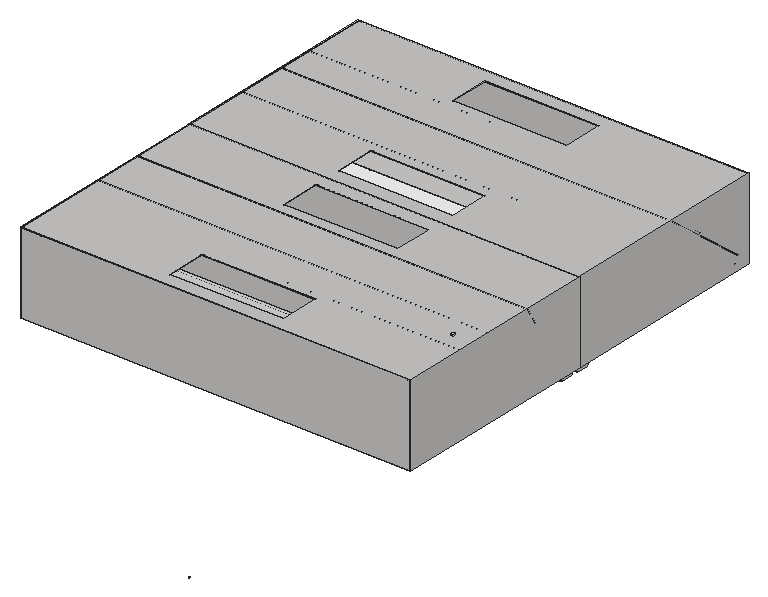
Revit family "QF_ELECTROLUXPROFESSIONAL_640239_STCF2624", category Attrezzature speciali, Revit 2021
Family settings
  Quota connettore circolare = Usa diametro
  Tipo di parte = Normale
  Basato su piano di lavoro = No
  Sempre verticale = Sì
  Taglio con vuoti quando caricato = No
  Condiviso = No
  Punto di calcolo locali = No
Parameters (values of type "Standard")
  Weight = 314.00 kg
  Watts = 320 W
  Volts = 220 V
  URL Manufacturer = "https://www.electroluxprofessional.com/"
  URL = "https://www.electroluxprofessional.com/"
  Steam Supply Size = 0 mm
  Steam Supply Minimum Pressure = 0.0 Pa
  Steam Supply Maximum Pressure = 0.0 Pa
  Steam Consumption per Hour = 0
  Refrigeration Suction Line Size = 0.0 mm
  Refrigeration Liquid Line Size = 0.0 mm
  Refrigerant Compressor Remote = yes
  Prospetto di default = 0.0 mm
  Produttore = "Electrolux Professional"
  Phase = 1
  Modello = "STCF2624"
  Length Actual = 2400.0 mm  # constant formula
  Item Number = "640239"
  Hot Water Size = 0 mm
  Height Actual = 500.0 mm  # constant formula
  HP = "0.4 HP"
  Gas Size = 0 mm
  Gas KW = 0
  Gas Input Pressure = 0 W
  Direct Waste Size = 0 mm
  Descrizione = "304 S/S ISLAND HOOD+FILT.+LAMPS 240X260"
  Depth Actual = 2600.0 mm  # constant formula
  Cycle = 50 Hz
  Condensate Return Size = 0 mm
  Compressed Air Volume = 0.0 L/s
  Compressed Air Size = 0 mm
  Compressed Air Pressure = 0.0 Pa
  Cold Water Size = 0 mm
  Accessory = yes
Reference planes
  plane 1 "Center (Front/Back)": y = 0
  plane 2: z = 0
  plane 3 "Center (Left/Right)": x = -200
  plane 4 "LEFT": x = -1400
  plane 5 "RIGHT": x = 1000
  plane 6 "BACK": y = 1300
  plane 7 "FRONT": y = -1300
  plane 8 "Base": z = 2000
  plane 9 "EIx": x = 880
  plane 10 "Top": z = 2500
  plane 11 "BaseHood": z = 2000
  plane 12 "EI": y = -820
Forms (mm)
  Extrusion 1, solid, material "QF_Finishes_Stainless Steel"
    sketch origin (0, -820, 2500) x (0, 1, 0) y (-1, 0, 0)
      loop
        circle (0, -880) r 10
    from 0 to 1.6
Dimensions and locks
  plane 4 "LEFT" to plane 5 "RIGHT" = 2400.0 mm
  equal spacing: plane 6 "BACK", plane 1 "Center (Front/Back)", plane 7 "FRONT"
  plane 6 "BACK" to plane 7 "FRONT" = 2600.0 mm
  plane 9 "EIx" to plane 5 "RIGHT" = 120.0 mm
  plane 11 "BaseHood" to level = 2000.0 mm
  plane 10 "Top" to plane 11 "BaseHood" = 500.0 mm
  equal spacing: plane 4 "LEFT", plane 3 "Center (Left/Right)", plane 5 "RIGHT"
  plane 12 "EI" to plane 7 "FRONT" = 480.0 mm
  aligned and locked: level to plane 2
Automatic sketch dimensions
  plane 1 "Center (Front/Back)" to Extrusion 1 sketch curve = 820.0 mm
  Extrusion 1 sketch curve to plane 9 "EIx" = 0.0 mm
  radius of Extrusion 1 sketch curve = 10.0 mm
Nested families
  nested 1: "QF_ELECTROLUXPROFESSIONAL_640230" at (-350, -550, 0), type "QF_ELECTROLUXPROFESSIONAL_640230"
  nested 2: "QF_ELECTROLUXPROFESSIONAL_640230" at (-350, 550, 0), type "QF_ELECTROLUXPROFESSIONAL_640230"
Connectors
  piping at (880, 60, 1970), diameter 9.5
    settings: on nested 2, index 9, connector inside diameter 609.6 mm, connector length 0.0 mm, flow factor 0, pipe flow 0.0 L/s, pressure drop 0.0 Pa, fitting loss kfactor 0, connector angle 0.00°, fixture units 0, engagement length 0.0 mm, angle of deflection 0.00°, flow configuration 1, flow direction 2, fitting loss method 0, system type 16, joint type 0, gender type 0, connector reference index -1, connector utility 0, adjustable connector no, is connector primary yes, connector description "Drain"
  piping at (880, -60, 1970), diameter 9.5
    settings: on nested 1, index 10, connector inside diameter 609.6 mm, connector length 0.0 mm, flow factor 0, pipe flow 0.0 L/s, pressure drop 0.0 Pa, fitting loss kfactor 0, connector angle 0.00°, fixture units 0, engagement length 0.0 mm, angle of deflection 0.00°, flow configuration 1, flow direction 2, fitting loss method 0, system type 16, joint type 0, gender type 0, connector reference index -1, connector utility 0, adjustable connector no, is connector primary no, connector description "Drain"
  electrical at (880, -820, 2501.6), driven by "Volts"
    settings: on Extrusion 1, index 11, voltage 220 V, apparent load 0 VA, apparent load phase1 0 VA, apparent load phase2 0 VA, apparent load phase3 0 VA, power factor 1, load classification "Other", number of poles 1, system type 30, power factor state 1, is connector primary yes, connector utility no, sub classification motor no, connector description "Electrical Connection"
  hvac at (-200, -211, 2500)
    settings: on nested 1, index 12, duct flow 0.0 L/s, flow factor 0, pres drop 0.0 Pa, loss coef 0, conn angle 0.00°, conn width 700 mm, conn height 250 mm, conn diameter 609.6 mm, duct sys type 1, conn prof type 1, flow config 1, flow direction 1, loss method 0, conn ref index -1, conn util no, is conn primary yes, conn desc "AIR INLET"
  hvac at (-200, 211, 2500)
    settings: on nested 2, index 13, duct flow 0.0 L/s, flow factor 0, pres drop 0.0 Pa, loss coef 0, conn angle 0.00°, conn width 250 mm, conn height 700 mm, conn diameter 609.6 mm, duct sys type 1, conn prof type 1, flow config 1, flow direction 1, loss method 0, conn ref index -1, conn util no, is conn primary no, conn desc "AIR INLET"
  hvac at (-200, -1089, 2499.19)
    settings: on nested 1, index 14, duct flow 0.0 L/s, flow factor 0, pres drop 0.0 Pa, loss coef 0, conn angle 0.00°, conn width 700 mm, conn height 250 mm, conn diameter 609.6 mm, duct sys type 1, conn prof type 1, flow config 0, flow direction 0, loss method 0, conn ref index -1, conn util no, is conn primary no, conn desc ""
  hvac at (-200, 1089, 2500)
    settings: on nested 2, index 15, duct flow 0.0 L/s, flow factor 0, pres drop 0.0 Pa, loss coef 0, conn angle 0.00°, conn width 250 mm, conn height 700 mm, conn diameter 609.6 mm, duct sys type 1, conn prof type 1, flow config 0, flow direction 0, loss method 0, conn ref index -1, conn util no, is conn primary no, conn desc ""
Definition of nested family "QF_ELECTROLUXPROFESSIONAL_640230"
  Parameters
    Default Elevation = 0.0 mm
  Reference planes
    plane 1: z = 0
    plane 2 "Center (Left/Right)": x = 150
    plane 3 "LEFT": x = -1050
    plane 4 "RIGHT": x = 1350
    plane 5 "BACK": y = 550
    plane 6 "TOP": z = 2500
    plane 7 "Base": z = 2000
    plane 8: z = 1955
    plane 9 "DrainY": y = 490
    plane 10: x = -1047
    plane 11 "DrainX": x = 1230
    plane 12 "AOLeft2": x = 500
    plane 13: x = 1347
    plane 14: x = -850
    plane 15: x = 1150
    plane 16 "Center (Front/Back)": y = -100
    plane 17 "Front": y = -750
    plane 18 "AOLeft1": x = -200
    plane 19: y = -664
    plane 20: y = -414
    plane 21: y = 214
    plane 22 "EI_y": y = -270
    plane 23 "EIx": x = 1230
    plane 24: y = 464
  Forms (mm)
    Extrusion 1, solid
      sketch origin (-1050, 0, 360) x (0, 1, 0) y (0, 0, 1)
        loop
          line (550, 1640) -> (550, 2140) -> (-750, 2140) -> (-750, 1640) -> (550, 1640)
      from 0 to 3
    Extrusion 2, solid
      sketch origin (1350, 0, 360) x (0, 1, 0) y (0, 0, 1)
        loop
          line (550, 1640) -> (550, 2140) -> (-750, 2140) -> (-750, 1640) -> (550, 1640)
      from 0 to -3
    Extrusion 3, solid
      sketch origin (150, 0, 360) x (0, 1, 0) y (0, 0, 1)
        loop
          line (-750, 2140) -> (-750, 1640) -> (-740, 1640) -> (-740, 1640.8) -> (-749.2, 1640.8) -> (-749.2, 2139.19) -> (549.2, 2139.19) -> (549.2, 1640.8) -> (540, 1640.8) -> (540, 1640) -> (550, 1640) -> (550, 2140) -> (-750, 2140)
      from -1200 to 1200
    Extrusion 4, solid
      sketch origin (0, 0, 2000) x (0, 1, 0) y (-1, 0, 0)
        loop
          circle (490, -1230) r 4.763
      from -30 to 0
    Extrusion 5, void
      sketch origin (0, 0, 2500) x (0, 1, 0) y (-1, 0, 0)
        loop
          line (-414, -500) -> (-414, 200) -> (-664, 200) -> (-664, -500) -> (-414, -500)
      from 0 to -10
    Extrusion 6, solid
      sketch origin (0, 0, 0) x (1, 0, 0) y (0, 1, 0)
        loop
          line (-1050, 550) -> (-1050, 549) -> (-1049, 549) -> (-1049, 550) -> (-1050, 550)
      from 0 to 1
    Extrusion 7, solid
      sketch origin (150, 0, 360) x (0, 1, 0) y (0, 0, 1)
        loop
          line (-372.823, 1962.324) -> (-218.948, 2086.929) -> (-227.129, 2097.032) -> (-381.003, 1972.426) -> (-372.823, 1962.324)
      from 1197 to -1197
    Extrusion 8, solid
      sketch origin (150, 0, 360) x (0, 1, 0) y (0, 0, 1)
        loop
          line (-750, 2139.19) -> (-750, 1640) -> (-686.602, 1640) -> (-599.146, 1690.493) -> (-610.058, 1709.394) -> (-666.564, 1676.77) -> (-714.704, 1680.982) -> (-749.2, 1730.248) -> (-749.2, 2139.19) -> (-750, 2139.19)
        loop
          line (-373.6, 1961.694) -> (-381.937, 1971.99) -> (-369.095, 1982.182) -> (-369.095, 2139.19) -> (-369.895, 2139.19) -> (-369.895, 1982.569) -> (-682.298, 1734.63) -> (-671.091, 1720.79) -> (-373.6, 1961.694)
        loop
          line (-227.61, 2099.216) -> (-218.171, 2087.559) -> (-154.411, 2139.19) -> (-155.682, 2139.19) -> (-218.052, 2088.684) -> (-226.989, 2099.719) -> (-227.61, 2099.216)
      from -1197 to 1197
    Sweep 9, solid
      path origin (0, 0, 0) x (1, 0, 0) y (0, 1, 0)
        loop
          line (1350, 550) -> (-1050, 550) -> (-1050, -750) -> (1350, -750) -> (1350, 550)
      profile origin (1350, -100, 0) x (1, 0, 0) y (0, 0, 1)
        loop
          line (-3, 2000) -> (-3, 2000.8) -> (-19, 2000.8) -> (-19, 2010) -> (-20, 2010) -> (-20, 2000) -> (-3, 2000)
    Extrusion 10, solid
      sketch origin (150, 0, 0) x (0, 1, 0) y (0, 0, 1)
        loop
          line (414.66, 2095.469) -> (440.643, 2110.471) -> (235.744, 2411.771) -> (209.948, 2396.455) -> (414.66, 2095.469)
      from -1197 to -1000
    Extrusion 11, solid
      sketch origin (1230, 0, 0) x (0, 1, 0) y (0, 0, 1)
        loop
          line (539, 2000) -> (441, 2000) -> (441, 1989) -> (448.5, 1989) -> (448.5, 1965)
          arc (448.5, 1965) -> (451.429, 1957.929) -> (458.5, 1955) r 10
          line (458.5, 1955) -> (521.5, 1955)
          arc (521.5, 1955) -> (528.571, 1957.929) -> (531.5, 1965) r 10
          line (531.5, 1965) -> (531.5, 1989) -> (539, 1989) -> (539, 2000)
      from 90 to -90
    Extrusion 12, solid
      sketch origin (150, 0, 360) x (0, 1, 0) y (0, 0, 1)
        loop
          line (-750, 2139.19) -> (-750, 1640) -> (-686.602, 1640) -> (-599.146, 1690.493) -> (-610.058, 1709.394) -> (-666.564, 1676.77) -> (-714.704, 1680.982) -> (-749.2, 1730.248) -> (-749.2, 2139.19) -> (-750, 2139.19)
        loop
          line (-373.6, 1961.694) -> (-381.937, 1971.99) -> (-369.095, 1982.182) -> (-369.095, 2139.19) -> (-369.895, 2139.19) -> (-369.895, 1982.569) -> (-682.298, 1734.63) -> (-671.091, 1720.79) -> (-373.6, 1961.694)
        loop
          line (-227.61, 2099.216) -> (-218.171, 2087.559) -> (-154.411, 2139.19) -> (-155.682, 2139.19) -> (-218.052, 2088.684) -> (-226.989, 2099.719) -> (-227.61, 2099.216)
      from -1197 to 1197
    Extrusion 13, solid
      sketch origin (150, 0, 0) x (0, 1, 0) y (0, 0, 1)
        loop
          line (414.66, 2095.469) -> (440.643, 2110.471) -> (235.744, 2411.771) -> (209.948, 2396.455) -> (414.66, 2095.469)
      from 1000 to 1197
    Extrusion 14, solid
      sketch origin (150, 0, 0) x (0, 1, 0) y (0, 0, 1)
        loop
          line (414.66, 2095.469) -> (440.643, 2110.471) -> (235.744, 2411.771) -> (209.948, 2396.455) -> (414.66, 2095.469)
      from -1000 to 1000
    Extrusion 15, void
      sketch origin (0, 1180, 2500) x (0, 1, 0) y (-1, 0, 0)
        loop
          line (-716, -500) -> (-716, 200) -> (-966, 200) -> (-966, -500) -> (-716, -500)
      from 0 to -10
    Extrusion 16, solid
      sketch origin (150, 0, 360) x (0, 1, 0) y (0, 0, 1)
        loop
          line (430.005, 1640) -> (540, 1640) -> (540, 1640.8) -> (430.467, 1640.8) -> (371.906, 1742.23) -> (414.858, 1734.657) -> (442.266, 1750.481) -> (442.266, 1765.943) -> (441.466, 1765.943) -> (441.466, 1750.943) -> (414.709, 1735.495) -> (321.153, 1751.991) -> (320.875, 1750.416) -> (371.4, 1741.507) -> (430.005, 1640)
        loop
          line (146.529, 2139.19) -> (216.893, 2017.316) -> (219.133, 2018.715) -> (214.13, 2027.381) -> (212.569, 2026.405) -> (147.453, 2139.19) -> (146.529, 2139.19)
      from -1197 to 1197
  Cuts and joins
    Extrusion 5, Extrusion 15 cuts Extrusion 3
    joined: Extrusion 2, Extrusion 3, Sweep 9
  Lines and regions (mm)
    symbolic lines, detail levels coarse
      curve 1: line (1350, 550, 2500) -> (-1050, 550, 2500)
      curve 2: line (-1050, 550, 2500) -> (-1050, -750, 2500)
      curve 3: line (1350, -750, 2500) -> (1350, 550, 2500)
      curve 4: line (-1050, 550, 0) -> (1350, -750, 0)
      curve 5: line (1350, 550, 0) -> (-1050, -750, 0)
      curve 6: line (-1050, -750, 0) -> (1350, -750, 0)
      curve 7: line (500, -414, 0) -> (-200, -414, 0)
      curve 8: line (500, -664, 0) -> (500, -414, 0)
      curve 9: line (-200, -664, 0) -> (500, -664, 0)
      curve 10: line (-200, -414, 0) -> (-200, -664, 0)
      curve 11: line (-200, 214, 2500) -> (500, 214, 2500)
      curve 12: line (-200, 464, 2500) -> (-200, 214, 2500)
      curve 13: line (500, 464, 2500) -> (-200, 464, 2500)
      curve 14: line (500, 214, 2500) -> (500, 464, 2500)
  Dimensions and locks
    plane 3 "LEFT" to plane 4 "RIGHT" = 2400.0 mm
    equal spacing: plane 3 "LEFT", plane 2 "Center (Left/Right)", plane 4 "RIGHT"
    plane 7 "Base" to plane 8 = 45.0 mm
    plane 5 "BACK" to plane 9 "DrainY" = 60.0 mm  (x2)
    plane 3 "LEFT" to plane 10 = 3.0 mm
    plane 11 "DrainX" to plane 4 "RIGHT" = 120.0 mm
    plane 13 to plane 4 "RIGHT" = 3.0 mm
    plane 3 "LEFT" to plane 14 = 200.0 mm
    plane 15 to plane 4 "RIGHT" = 200.0 mm
    locked: plane 7 "Base" to level at 2000
    locked: plane 6 "TOP" to plane 7 "Base" at 500
    locked: plane 5 "BACK" to plane 17 "Front" at 1300
    equal spacing: plane 5 "BACK", plane 16 "Center (Front/Back)", plane 17 "Front"
    locked: plane 20 to plane 19 at 250
    plane 19 to plane 17 "Front" = 86.0 mm
    locked: plane 22 "EI_y" to plane 17 "Front" at 480
    locked: plane 23 "EIx" to plane 4 "RIGHT" at 120
    locked: plane 18 "AOLeft1" to plane 12 "AOLeft2" at 700
    equal spacing: plane 18 "AOLeft1", plane 2 "Center (Left/Right)", plane 12 "AOLeft2"
    plane 5 "BACK" to plane 17 "Front" = 1300.0 mm
    plane 5 "BACK" to plane 24 = 86.0 mm
    plane 24 to plane 21 = 250.0 mm
    aligned and locked: level to plane 1
    aligned and locked: plane 4 "RIGHT" to Extrusion 3
    aligned and locked: Extrusion 3 to plane 3 "LEFT"
    aligned and locked: Extrusion 2 to plane 13
    aligned and locked: Extrusion 10 to plane 10
    aligned and locked: Extrusion 8 to plane 10
    aligned and locked: plane 13 to Extrusion 8
    aligned and locked: Extrusion 5 to plane 18 "AOLeft1"
    aligned and locked: Extrusion 5 to plane 12 "AOLeft2"
    aligned and locked: plane 14 to Extrusion 10
    aligned and locked: plane 15 to Extrusion 13
    aligned and locked: plane 13 to Extrusion 13
    aligned and locked: Extrusion 14 to plane 14
    aligned and locked: Extrusion 14 to plane 15
    aligned and locked: plane 13 to Extrusion 7
    aligned and locked: Extrusion 7 to plane 10
    aligned and locked: Extrusion 15 to plane 21
    aligned and locked: Extrusion 15 to plane 18 "AOLeft1"
    aligned and locked: Extrusion 15 to plane 12 "AOLeft2"
    aligned and locked: Extrusion 16 to plane 10
    aligned and locked: plane 13 to Extrusion 16
    aligned and locked: plane 13 to Extrusion 12
    aligned and locked: Extrusion 12 to plane 10
    aligned and locked: cut or joined group of Extrusion 2, Extrusion 3, Extrusion 5, Sweep 9, Extrusion 15 to curve 7
    aligned and locked: cut or joined group of Extrusion 2, Extrusion 3, Extrusion 5, Sweep 9, Extrusion 15 to plane 19
    aligned and locked: curve 9 to plane 19
    aligned and locked: plane 24 to cut or joined group of Extrusion 2, Extrusion 3, Extrusion 5, Sweep 9, Extrusion 15
    aligned and locked: plane 24 to curve 13
  Automatic sketch dimensions
    curve 6 to plane 3 "LEFT" = 0.0 mm
    curve 4 to plane 3 "LEFT" = 0.0 mm
    curve 10 to plane 18 "AOLeft1" = 0.0 mm
    curve 8 to plane 12 "AOLeft2" = 0.0 mm
    curve 5 to plane 4 "RIGHT" = 0.0 mm
    curve 6 to plane 4 "RIGHT" = 0.0 mm
    curve 4 to plane 17 "Front" = 0.0 mm
    curve 4 to plane 5 "BACK" = 0.0 mm
    curve 5 to plane 5 "BACK" = 0.0 mm
    curve 2 to plane 3 "LEFT" = 0.0 mm
    curve 2 to plane 17 "Front" = 0.0 mm
    curve 3 to plane 4 "RIGHT" = 0.0 mm
    curve 3 to plane 17 "Front" = 0.0 mm
    curve 2 to plane 5 "BACK" = 0.0 mm
    Extrusion 1 sketch curve to plane 7 "Base" = 0.0 mm
    Extrusion 1 sketch curve to plane 17 "Front" = 0.0 mm
    Extrusion 1 sketch curve to plane 5 "BACK" = 0.0 mm
    Extrusion 1 sketch curve to plane 6 "TOP" = 0.0 mm
    Extrusion 2 sketch curve to plane 7 "Base" = 0.0 mm
    Extrusion 2 sketch curve to plane 17 "Front" = 0.0 mm
    Extrusion 2 sketch curve to plane 5 "BACK" = 0.0 mm
    Extrusion 2 sketch curve to plane 6 "TOP" = 0.0 mm
    Extrusion 3 sketch curve to plane 6 "TOP" = 0.0 mm
    Extrusion 3 sketch curve to plane 17 "Front" = 0.0 mm
    Extrusion 3 sketch curve to plane 7 "Base" = 0.0 mm  (x2)
    Extrusion 3 sketch curve to plane 5 "BACK" = 0.0 mm
    plane 17 "Front" to Extrusion 3 sketch curve = 0.8 mm
    Extrusion 3 sketch curve to Extrusion 3 sketch curve = 9.2 mm
    plane 7 "Base" to Extrusion 3 sketch curve = 0.8 mm  (x2)
    Extrusion 3 sketch curve to plane 5 "BACK" = 10.0 mm
    Extrusion 3 sketch curve to plane 5 "BACK" = 0.8 mm
    Extrusion 3 sketch curve to plane 6 "TOP" = 0.81 mm
    Extrusion 4 sketch curve to plane 9 "DrainY" = 0.0 mm
    Extrusion 4 sketch curve to plane 11 "DrainX" = 0.0 mm
    Extrusion 5 sketch curve to plane 12 "AOLeft2" = 0.0 mm
    Extrusion 5 sketch curve to plane 18 "AOLeft1" = 0.0 mm
    plane 19 to Extrusion 5 sketch curve = 0.0 mm
    Extrusion 5 sketch curve to plane 22 "EI_y" = 144.0 mm
    Extrusion 6 sketch curve to plane 3 "LEFT" = 0.0 mm
    Extrusion 6 sketch curve to plane 5 "BACK" = 0.0 mm
    plane 3 "LEFT" to Extrusion 6 sketch curve = 1.0 mm
    Extrusion 6 sketch curve to Extrusion 6 sketch curve = 1.0 mm
    plane 20 to Extrusion 7 sketch curve = 32.997 mm
    Extrusion 7 sketch curve to Extrusion 7 sketch curve = 8.181 mm  (x2)
    plane 22 "EI_y" to Extrusion 7 sketch curve = 42.871 mm
    Extrusion 7 sketch curve to plane 6 "TOP" = 177.676 mm
    Extrusion 7 sketch curve to Extrusion 7 sketch curve = 10.102 mm
    Extrusion 7 sketch curve to plane 6 "TOP" = 53.071 mm
    Extrusion 7 sketch curve to Extrusion 7 sketch curve = 10.103 mm
    Extrusion 8 sketch curve to plane 7 "Base" = 0.0 mm
    Extrusion 8 sketch curve to plane 17 "Front" = 0.0 mm
    Extrusion 8 sketch curve to Extrusion 8 sketch curve = 0.8 mm  (x2)
    plane 17 "Front" to Extrusion 8 sketch curve = 35.296 mm
    Extrusion 8 sketch curve to plane 19 = 22.602 mm
    Extrusion 8 sketch curve to plane 19 = 18.298 mm
    Extrusion 8 sketch curve to plane 19 = 7.091 mm
    Extrusion 8 sketch curve to plane 19 = 2.564 mm
    plane 19 to Extrusion 8 sketch curve = 53.942 mm
    Extrusion 8 sketch curve to Extrusion 8 sketch curve = 10.912 mm
    plane 20 to Extrusion 8 sketch curve = 32.063 mm
    Extrusion 8 sketch curve to Extrusion 8 sketch curve = 8.337 mm
    Extrusion 8 sketch curve to Extrusion 8 sketch curve = 12.042 mm
    plane 22 "EI_y" to Extrusion 8 sketch curve = 42.39 mm
    Extrusion 8 sketch curve to Extrusion 8 sketch curve = 0.622 mm
    Extrusion 8 sketch curve to Extrusion 8 sketch curve = 9.44 mm
    Extrusion 8 sketch curve to Extrusion 8 sketch curve = 0.118 mm
    Extrusion 8 sketch curve to plane 6 "TOP" = 0.81 mm  (x3)
    Extrusion 8 sketch curve to plane 16 "Center (Front/Back)" = 55.682 mm
    Extrusion 8 sketch curve to Extrusion 8 sketch curve = 1.271 mm
    plane 7 "Base" to Extrusion 8 sketch curve = 36.77 mm
    plane 7 "Base" to Extrusion 8 sketch curve = 40.982 mm
    plane 7 "Base" to Extrusion 8 sketch curve = 50.493 mm
    Extrusion 8 sketch curve to Extrusion 8 sketch curve = 18.901 mm
    Extrusion 8 sketch curve to Extrusion 8 sketch curve = 44.02 mm
    Extrusion 8 sketch curve to Extrusion 8 sketch curve = 49.266 mm
    Extrusion 8 sketch curve to Extrusion 8 sketch curve = 13.84 mm
    Extrusion 8 sketch curve to plane 6 "TOP" = 178.306 mm
    Extrusion 8 sketch curve to Extrusion 8 sketch curve = 10.296 mm
    Extrusion 8 sketch curve to Extrusion 8 sketch curve = 10.192 mm
    Extrusion 8 sketch curve to Extrusion 8 sketch curve = 0.386 mm
    Extrusion 8 sketch curve to plane 6 "TOP" = 52.441 mm
    Extrusion 8 sketch curve to Extrusion 8 sketch curve = 1.125 mm
    Sweep 9 sketch curve to plane 3 "LEFT" = 0.0 mm
    Sweep 9 sketch curve to plane 4 "RIGHT" = 0.0 mm
    Sweep 9 sketch curve to plane 17 "Front" = 0.0 mm
    Sweep 9 sketch curve to plane 5 "BACK" = 0.0 mm
    profile plane to Sweep 9 sketch curve = 20.0 mm
    Sweep 9 sketch curve to Sweep 9 sketch curve = 1.0 mm
    profile plane to Sweep 9 sketch curve = 3.0 mm
    level to Sweep 9 sketch curve = 2000.0 mm
    Sweep 9 sketch curve to Sweep 9 sketch curve = 0.8 mm
    Sweep 9 sketch curve to Sweep 9 sketch curve = 9.2 mm
    Extrusion 10 sketch curve to plane 21 = 4.052 mm
    plane 21 to Extrusion 10 sketch curve = 21.744 mm
    Extrusion 10 sketch curve to plane 9 "DrainY" = 75.34 mm
    Extrusion 10 sketch curve to Extrusion 10 sketch curve = 25.983 mm
    plane 7 "Base" to Extrusion 10 sketch curve = 95.469 mm
    Extrusion 10 sketch curve to Extrusion 10 sketch curve = 15.001 mm
    Extrusion 10 sketch curve to plane 6 "TOP" = 103.545 mm
    Extrusion 10 sketch curve to Extrusion 10 sketch curve = 15.316 mm
    Extrusion 12 sketch curve to plane 7 "Base" = 0.0 mm
    Extrusion 12 sketch curve to plane 17 "Front" = 0.0 mm
    Extrusion 12 sketch curve to Extrusion 12 sketch curve = 0.8 mm  (x2)
    plane 17 "Front" to Extrusion 12 sketch curve = 35.296 mm
    Extrusion 12 sketch curve to plane 19 = 22.602 mm
    Extrusion 12 sketch curve to plane 19 = 18.298 mm
    Extrusion 12 sketch curve to plane 19 = 7.091 mm
    Extrusion 12 sketch curve to plane 19 = 2.564 mm
    plane 19 to Extrusion 12 sketch curve = 53.942 mm
    Extrusion 12 sketch curve to Extrusion 12 sketch curve = 10.912 mm
    plane 20 to Extrusion 12 sketch curve = 32.063 mm
    Extrusion 12 sketch curve to Extrusion 12 sketch curve = 8.337 mm
    Extrusion 12 sketch curve to plane 6 "TOP" = 0.81 mm  (x3)
    plane 20 to Extrusion 12 sketch curve = 44.105 mm
    plane 22 "EI_y" to Extrusion 12 sketch curve = 42.39 mm
    Extrusion 12 sketch curve to Extrusion 12 sketch curve = 0.622 mm
    Extrusion 12 sketch curve to Extrusion 12 sketch curve = 9.44 mm
    Extrusion 12 sketch curve to Extrusion 12 sketch curve = 0.118 mm
    Extrusion 12 sketch curve to plane 16 "Center (Front/Back)" = 55.682 mm
    Extrusion 12 sketch curve to Extrusion 12 sketch curve = 1.271 mm
    plane 7 "Base" to Extrusion 12 sketch curve = 36.77 mm
    plane 7 "Base" to Extrusion 12 sketch curve = 40.982 mm
    plane 7 "Base" to Extrusion 12 sketch curve = 50.493 mm
    Extrusion 12 sketch curve to Extrusion 12 sketch curve = 18.901 mm
    Extrusion 12 sketch curve to Extrusion 12 sketch curve = 44.02 mm
    Extrusion 12 sketch curve to Extrusion 12 sketch curve = 49.266 mm
    Extrusion 12 sketch curve to Extrusion 12 sketch curve = 13.84 mm
    Extrusion 12 sketch curve to Extrusion 12 sketch curve = 177.496 mm
    Extrusion 12 sketch curve to Extrusion 12 sketch curve = 10.296 mm
    Extrusion 12 sketch curve to Extrusion 12 sketch curve = 10.192 mm
    Extrusion 12 sketch curve to Extrusion 12 sketch curve = 0.386 mm
    Extrusion 12 sketch curve to plane 6 "TOP" = 52.441 mm
    Extrusion 12 sketch curve to Extrusion 12 sketch curve = 1.125 mm
    Extrusion 13 sketch curve to plane 21 = 4.052 mm
    plane 21 to Extrusion 13 sketch curve = 21.744 mm
    Extrusion 13 sketch curve to plane 9 "DrainY" = 75.34 mm
    Extrusion 13 sketch curve to Extrusion 13 sketch curve = 25.983 mm
    plane 7 "Base" to Extrusion 13 sketch curve = 95.469 mm
    Extrusion 13 sketch curve to Extrusion 13 sketch curve = 15.001 mm
    Extrusion 13 sketch curve to plane 6 "TOP" = 103.545 mm
    Extrusion 13 sketch curve to Extrusion 13 sketch curve = 15.316 mm
    Extrusion 14 sketch curve to plane 21 = 4.052 mm
    plane 21 to Extrusion 14 sketch curve = 21.744 mm
    Extrusion 14 sketch curve to plane 9 "DrainY" = 75.34 mm
    Extrusion 14 sketch curve to Extrusion 14 sketch curve = 25.983 mm
    plane 7 "Base" to Extrusion 14 sketch curve = 95.469 mm
    Extrusion 14 sketch curve to Extrusion 14 sketch curve = 15.001 mm
    Extrusion 14 sketch curve to plane 6 "TOP" = 103.545 mm
    Extrusion 14 sketch curve to Extrusion 14 sketch curve = 15.316 mm
    Extrusion 15 sketch curve to plane 12 "AOLeft2" = 0.0 mm
    Extrusion 15 sketch curve to plane 21 = 0.0 mm
    Extrusion 15 sketch curve to plane 9 "DrainY" = 26.0 mm
    Extrusion 15 sketch curve to plane 18 "AOLeft1" = 0.0 mm
    Extrusion 16 sketch curve to plane 7 "Base" = 0.0 mm
    Extrusion 16 sketch curve to plane 9 "DrainY" = 47.734 mm
    Extrusion 16 sketch curve to Extrusion 16 sketch curve = 0.8 mm
    plane 9 "DrainY" to Extrusion 16 sketch curve = 50.0 mm
    plane 7 "Base" to Extrusion 16 sketch curve = 0.8 mm
    Extrusion 16 sketch curve to Extrusion 16 sketch curve = 109.533 mm
    Extrusion 16 sketch curve to Extrusion 16 sketch curve = 0.462 mm  (x2)
    Extrusion 16 sketch curve to Extrusion 16 sketch curve = 26.608 mm
    Extrusion 16 sketch curve to Extrusion 16 sketch curve = 0.148 mm
    Extrusion 16 sketch curve to Extrusion 16 sketch curve = 42.803 mm
    Extrusion 16 sketch curve to Extrusion 16 sketch curve = 0.506 mm
    Extrusion 16 sketch curve to Extrusion 16 sketch curve = 50.247 mm
    Extrusion 16 sketch curve to Extrusion 16 sketch curve = 0.278 mm
    plane 21 to Extrusion 16 sketch curve = 5.133 mm
    Extrusion 16 sketch curve to Extrusion 16 sketch curve = 2.24 mm
    plane 21 to Extrusion 16 sketch curve = 0.13 mm
    Extrusion 16 sketch curve to plane 21 = 1.431 mm
    Extrusion 16 sketch curve to plane 6 "TOP" = 0.81 mm
    Extrusion 16 sketch curve to plane 21 = 66.547 mm
    Extrusion 16 sketch curve to Extrusion 16 sketch curve = 0.924 mm
    plane 7 "Base" to Extrusion 16 sketch curve = 94.657 mm
    Extrusion 16 sketch curve to Extrusion 16 sketch curve = 0.838 mm
    Extrusion 16 sketch curve to Extrusion 16 sketch curve = 6.012 mm
    Extrusion 16 sketch curve to Extrusion 16 sketch curve = 0.723 mm
    Extrusion 16 sketch curve to Extrusion 16 sketch curve = 14.986 mm
    Extrusion 16 sketch curve to Extrusion 16 sketch curve = 15.0 mm
    Extrusion 16 sketch curve to plane 6 "TOP" = 122.684 mm
    Extrusion 16 sketch curve to Extrusion 16 sketch curve = 1.399 mm
    Extrusion 16 sketch curve to Extrusion 16 sketch curve = 9.089 mm
    Extrusion 16 sketch curve to Extrusion 16 sketch curve = 0.975 mm
    curve 11 to plane 18 "AOLeft1" = 0.0 mm
    curve 11 to plane 21 = 0.0 mm
    curve 11 to plane 12 "AOLeft2" = 0.0 mm
    Extrusion 11 sketch curve to plane 8 = 0.0 mm
    Extrusion 11 sketch curve to plane 7 "Base" = 11.0 mm  (x2)
    Extrusion 11 sketch curve to plane 9 "DrainY" = 49.0 mm
    Extrusion 11 sketch curve to Extrusion 11 sketch curve = 7.5 mm  (x2)
    Extrusion 11 sketch curve to Extrusion 11 sketch curve = 10.0 mm
    Extrusion 11 sketch curve to plane 5 "BACK" = 28.5 mm
    Extrusion 11 sketch curve to plane 5 "BACK" = 18.5 mm
    plane 7 "Base" to Extrusion 11 sketch curve = 0.0 mm
    radius of Extrusion 4 sketch curve = 4.763 mm
